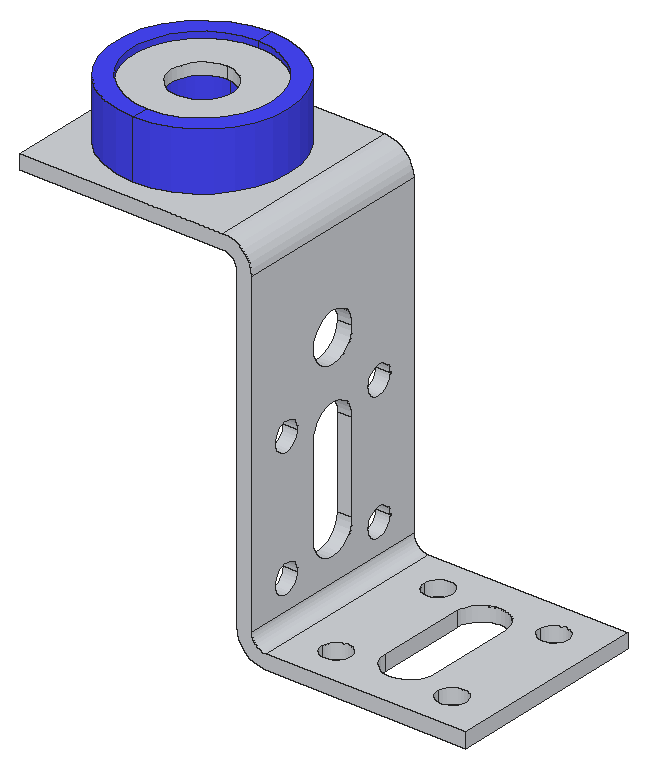
Revit family "Kanalhalter SD-ZL", category Allgemeines Modell, Revit 2017
Family settings
  Kann Basisbauteil für Bewehrung sein = Nein
  Bemaßung runder Anschluss = Durchmesser verwenden
  Teiletyp = Normal
  Arbeitsebenenbasiert = Ja
  Immer vertikal = Nein
  Beim Laden mit Abzugskörper schneiden = Nein
  Gemeinsam genutzt = Ja
  Raumberechnungspunkt = Nein
Parameters (values of type "Kanalhalter SD-ZL")
  vpe = "50 St"
  max. zul. Last stehend = 0.00 kN
  max. zul. Last hängend = 0.30 kN
  max. Temperaturbeständigkeit = "100 °C"
  Default Elevation = 1219.2 mm
  Stärke Material = 2.5 mm
  Schalldämmeinlage = "Gummi SBR"
  Regelhalter [instance] = ""
  Mengeneinheit = "St"
  Länge = 77 mm
  Kurztext2 = "Höhe 65 mm Gummi gesteckt"
  Kurztext1 = "Kanalhalter ZL"
  Höhe = "65 mm"
  Gewicht pro Bauteil = Gewicht  # 0.0931 kg
  Gewicht = 0.0931 kg
  Firma = "MEFA Befestigungs- und Montagesysteme GmbH"
  Fabrikat = "MEFA"
  EAN = "4250928414991"
  Dämmelementtyp = "gesteckt"
  Breite Material = "35 mm"
  Bauart = "Z"
  Ausführung = "leicht"
  Artikelnummer = "0590027"
  Anschluss = "M8/M10"
Reference planes
  plane 1 "Mitte (Vorne/hinten)": y = 0
  plane 2: z = 0
  plane 3 "Mitte (Links/rechts)": x = 0
Dimensions and locks
  aligned and locked: level to plane 2
Nested families
  nested 1: "Kanalhalterwinkel ZL" at (0, 0, 0), type "MEFA Kanalhalterwinkel ZL"
  nested 2: "Gummipuffer für SD" at (-20, 0, 75.75) x (0, -1, 0) z (1, 0, 0), type "Gummipuffer für SD"
  nested 3: "Unterlegscheibe 10,5x25x2,0" at (-20, 0, 72.75) x (0, 1, 0) z (0, 0, 1), type "Unterlegscheibe 10,5x25x2,0"
Definition of nested family "Kanalhalterwinkel ZL"
  Parameters (values of type "MEFA Kanalhalterwinkel ZL")
    Default Elevation = 1219.2 mm
    Regelhalter [instance] = ""
  Reference planes
    plane 1 "Mitte (Vorne/hinten)": y = 0
    plane 2: z = 0
    plane 3 "Mitte (Links/rechts)": x = 0
  Forms (mm)
    Extrusion 1, solid
      sketch origin (0, 0, 0) x (1, 0, 0) y (0, 0, 1)
        loop
          arc (0, 5) -> (1.464, 1.464) -> (5, 0) r 5
          line (5, 0) -> (39.5, 0) -> (39.5, 2.5) -> (5, 2.5)
          arc (5, 2.5) -> (3.232, 3.232) -> (2.5, 5) r 2.5
          line (2.5, 5) -> (2.5, 60)
          arc (2.5, 60) -> (1.036, 63.536) -> (-2.5, 65) r 5
          line (-2.5, 65) -> (-37.5, 65) -> (-37.5, 62.5) -> (-2.5, 62.5)
          arc (-2.5, 62.5) -> (-0.732, 61.768) -> (0, 60) r 2.5
          line (0, 60) -> (0, 5)
      from -17.5 to 17.5
    Extrusion 2, void
      sketch origin (0, 0, 0) x (0, 1, 0) y (0, 0, 1)
        loop
          circle (-10, 10) r 2.5
        loop
          circle (-10, 32) r 2.5
        loop
          circle (10, 10) r 2.5
        loop
          circle (10, 32) r 2.5
        loop
          circle (0, 43) r 4.25
        loop
          arc (-4.25, 13.25) -> (0, 9) -> (4.25, 13.25) r 4.25
          line (4.25, 13.25) -> (4.25, 28.75)
          arc (4.25, 28.75) -> (0, 33) -> (-4.25, 28.75) r 4.25
          line (-4.25, 28.75) -> (-4.25, 13.25)
      from 0 to 10
    Extrusion 3, void
      sketch origin (0, 0, 0) x (1, 0, 0) y (0, 1, 0)
        loop
          circle (-20.5, 0) r 9
        loop
          circle (32, 11) r 2.5
        loop
          arc (26.25, 7.75) -> (22, 12) -> (17.75, 7.75) r 4.25
          line (17.75, 7.75) -> (17.75, -7.75)
          arc (17.75, -7.75) -> (22, -12) -> (26.25, -7.75) r 4.25
          line (26.25, -7.75) -> (26.25, 7.75)
        loop
          circle (12, 11) r 2.5
        loop
          circle (32, -11) r 2.5
        loop
          circle (12, -11) r 2.5
      from 0 to 100
  Cuts and joins
    Extrusion 2, Extrusion 3 cuts Extrusion 1
  Dimensions and locks
    aligned and locked: level to plane 2
Definition of nested family "Gummipuffer für SD"
  Parameters (values of type "Gummipuffer für SD")
    Default Elevation = 1219.2 mm
    Regelhalter [instance] = ""
  Reference planes
    plane 1 "Mitte (Vorne/hinten)": y = 0
    plane 2: z = 0
    plane 3 "Mitte (Links/rechts)": x = 0
  Forms (mm)
    Revolve 1, solid
      sketch origin (0, 0, 0) x (1, 0, 0) y (0, 1, 0)
        loop
          line (-12, 0) -> (-12, 3) -> (-6, 3) -> (-6, 19) -> (-9.25, 19) -> (-10.75, 17.5) -> (-10.75, 14) -> (-8.5, 14) -> (-8.5, 10) -> (-15, 10) -> (-15, 0) -> (-12, 0)
        axis (0, 0) -> (0, 19)
      angle from 0 to 360
  Dimensions and locks
    aligned and locked: level to plane 2
Definition of nested family "Unterlegscheibe 10,5x25x2,0"
  Parameters (values of type "Unterlegscheibe 10,5x25x2,0")
    Default Elevation = 1219.2 mm
    Regelhalter [instance] = ""
    Länge = 2 mm
    D0 = 10.5 mm
    D = 25 mm
    Artikelnummer = "4320263"
  Reference planes
    plane 1 "Mitte (Vorne/hinten)": y = 0
    plane 2: z = 0
    plane 3 "Mitte (Links/rechts)": x = 0
    plane 4: z = 2
  Forms (mm)
    Extrusion 1, solid
      sketch origin (0, 0, 0) x (1, 0, 0) y (0, 1, 0)
        loop
          circle (0, 0) r 12.5
      from 0 to 2
    Extrusion 2, void
      sketch origin (0, 0, 0) x (1, 0, 0) y (0, 1, 0)
        loop
          circle (0, 0) r 5.25
      from 0 to 2
  Cuts and joins
    Extrusion 2 cuts Extrusion 1
  Lines and regions (mm)
    model lines, not visible
      curve 1: line (9.299, 0, 2) -> (-10.701, 0, 2)
      curve 2: line (0, 15.717, 2) -> (0, -4.283, 2)
      curve 3: line (0, 10.717, 0) -> (0, -9.283, 0)
      curve 4: line (6.799, 0, 0) -> (-13.201, 0, 0)
      curve 5: line (0, 0, 69.337) -> (0, 0, -112.663)
  Dimensions and locks
    "Länge": level to plane 4
    "D": diameter of Extrusion 1 sketch curve
    "D0": diameter of Extrusion 2 sketch curve
    aligned and locked: level to plane 2
    aligned and locked: Extrusion 1 to level
    aligned and locked: Extrusion 1 to curve 1
    aligned and locked: plane 4 to Extrusion 1
    aligned and locked: curve 2 to plane 4
    aligned and locked: curve 3 to level
    aligned and locked: curve 4 to level
    aligned and locked: plane 3 "Mitte (Links/rechts)" to curve 5
    aligned and locked: curve 5 to plane 1 "Mitte (Vorne/hinten)"
    aligned and locked: Extrusion 1 to Extrusion 2
    aligned and locked: Extrusion 2 to level
  Automatic sketch dimensions
    plane 1 "Mitte (Vorne/hinten)" to curve 2 = 4.283 mm
    plane 1 "Mitte (Vorne/hinten)" to curve 3 = 9.283 mm
    curve 3 to plane 1 "Mitte (Vorne/hinten)" = 10.717 mm
    curve 2 to plane 1 "Mitte (Vorne/hinten)" = 15.717 mm
    curve 4 to plane 3 "Mitte (Links/rechts)" = 13.201 mm
    curve 1 to plane 3 "Mitte (Links/rechts)" = 10.701 mm
    plane 3 "Mitte (Links/rechts)" to curve 4 = 6.799 mm
    plane 3 "Mitte (Links/rechts)" to curve 1 = 9.299 mm
    curve 5 to level = 112.663 mm
    plane 4 to curve 5 = 67.337 mm
    plane 1 "Mitte (Vorne/hinten)" to Extrusion 1 sketch curve = 0 mm
    Extrusion 1 sketch curve to plane 3 "Mitte (Links/rechts)" = 0 mm
    plane 1 "Mitte (Vorne/hinten)" to Extrusion 2 sketch curve = 0 mm
    Extrusion 2 sketch curve to plane 3 "Mitte (Links/rechts)" = 0 mm
